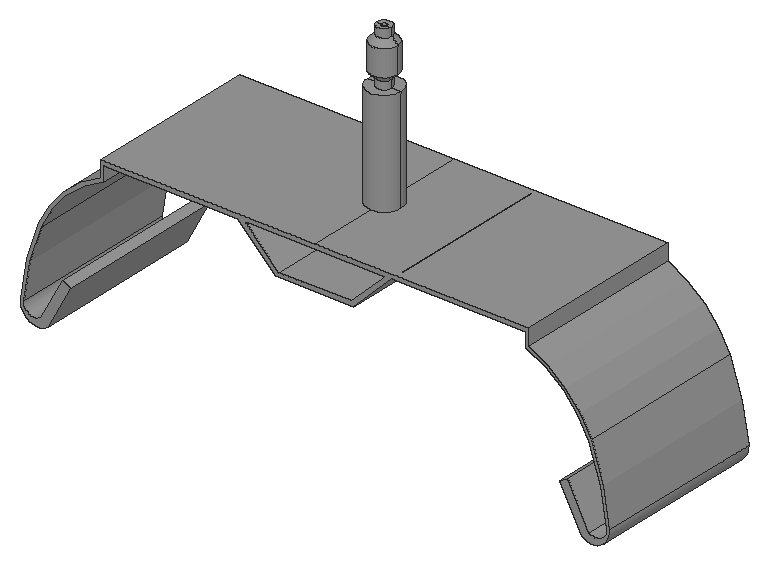
Revit family "Linear Lightline_Pendant Clips_NAL", category Generic Models, Revit 2019
Family settings
  Can host rebar = No
  Round Connector Dimension = Use Diameter
  Part Type = Normal
  Work Plane-Based = No
  Always vertical = No
  Cut with Voids When Loaded = No
  Shared = No
  Room Calculation Point = No
Parameters (values of type "8100-4002 / Steel wire with adjustable bush and mounting clip")
  URL = "https://nateclighting.nl/producten/lineaire-lichtlijn/"
  Material [instance] = Aluminum
  Model = "Art nr: 8100-4002"
  Manufacturer = "Natec Lighting B.V."
  Luminaire Height [instance] = 0 mm
  Description = ""
  Cost = 0
  Assembly Code = "63.00"
  8100-4010 = no
  8100-4002 = yes
  Calc_Pendant Length [instance] = Ceiling Height - Luminaire Height  # 0 mm
  Ceiling Height [instance] = 0 mm
Types (2, lengths in mm): name | Model | 8100-4010 | 8100-4002
  8100-4002 / Steel wire with adjustable bush and mounting clip | "Art nr: 8100-4002" | no | yes
  8100-4010 / Cross anchor with Angel adjusting bush and fixing clip | "Art nr: 8100-4010" | yes | no
Reference planes
  plane 1 "Center (Front/Back)": y = 0
  plane 2: z = 0
  plane 3 "Center (Left/Right)": x = 0
  plane 4 "Cap Bottom": z = -79.519
  plane 5 "Side profile R": x = 35.153
  plane 6 "Side profile L": x = -35.153
  plane 7 "Side cap R": x = 36.153
  plane 8 "Side cap L": x = -36.153
  plane 9 "Profile bottom": z = -72.159
Forms (mm)
  Extrusion 1, solid, not visible
    sketch origin (17.242, -344.217, -110.937) x (1, 0, 0) y (0, 0, -1)
      loop
        line (-63.5, -59.332) -> (-63.5, -35.336)
        arc (-63.5, -35.336) -> (-63.194, -34.598) -> (-62.456, -34.292) r 1.044
        line (-62.456, -34.292) -> (-61.548, -34.292)
        arc (-61.548, -34.292) -> (-61.048, -33.792) -> (-61.548, -33.292) r 0.5
        line (-61.548, -33.292) -> (-62.456, -33.292)
        arc (-62.456, -33.292) -> (-63.901, -33.891) -> (-64.5, -35.336) r 2.044
        line (-64.5, -35.336) -> (-64.5, -59.332) -> (-57.024, -68.517)
        arc (-57.024, -68.517) -> (-55.48, -76.231) -> (-52.811, -83.631) r 53.018
        arc (-52.811, -83.631) -> (-52.15, -83.883) -> (-51.898, -83.223) r 0.5
        arc (-51.898, -83.223) -> (-54.498, -76.027) -> (-56.015, -68.528) r 52.018
        line (-56.015, -68.528) -> (-63.5, -59.332)
    from 0 to 15
  Revolve 2, solid, material "Aluminum" <- "Material", visible <- "8100-4002"
    sketch origin (0, 0, 0) x (1, 0, 0) y (0, 0, 1)
      loop
        line (0, -2.047) -> (0, 19.284) -> (-0.78, 19.284) -> (-0.78, 18.429) -> (-1.454, 17.756) -> (-1.454, 14.93) -> (-0.78, 14.256) -> (-0.78, 13.419) -> (-1.838, 13.419) -> (-1.838, 2.141) -> (-0.811, 2.141) -> (-0.811, -2.047) -> (0, -2.047)
      axis (0, 19.284) -> (0, -2.047)
    angle from 0 to 360
  Extrusion 3, solid, material "Aluminum" <- "Material"
    sketch origin (0, 238.348, 0) x (1, 0, 0) y (0, 0, 1)
      loop
        line (-22.861, 1.641) -> (-8.345, 1.641) -> (-4.225, -2.479) -> (4.225, -2.479) -> (8.345, 1.641) -> (22.861, 1.641) -> (22.861, 0.078)
        arc (22.861, 0.078) -> (26.915, -2.622) -> (29.669, -6.64) r 12.816
        arc (29.669, -6.64) -> (30.97, -10.48) -> (31.62, -14.483) r 24.498
        arc (31.62, -14.483) -> (31.001, -15.612) -> (29.718, -15.494) r 1.175
        line (29.718, -15.494) -> (27.375, -11.087) -> (26.473, -11.567) -> (28.883, -16.099)
        arc (28.883, -16.099) -> (30.959, -16.288) -> (31.963, -14.461) r 1.904
        arc (31.963, -14.461) -> (31.3, -10.353) -> (29.959, -6.413) r 24.827
        arc (29.959, -6.413) -> (27.221, -2.377) -> (23.214, 0.402) r 13.316
        line (23.214, 0.402) -> (23.214, 2.141) -> (0, 2.141) -> (-23.214, 2.141) -> (-23.214, 0.402)
        arc (-23.214, 0.402) -> (-27.221, -2.377) -> (-29.959, -6.413) r 13.316
        arc (-29.959, -6.413) -> (-31.3, -10.353) -> (-31.963, -14.461) r 24.827
        arc (-31.963, -14.461) -> (-30.959, -16.288) -> (-28.883, -16.099) r 1.904
        line (-28.883, -16.099) -> (-26.473, -11.567) -> (-27.375, -11.087) -> (-29.718, -15.494)
        arc (-29.718, -15.494) -> (-31.001, -15.612) -> (-31.62, -14.483) r 1.175
        arc (-31.62, -14.483) -> (-30.97, -10.48) -> (-29.669, -6.64) r 24.498
        arc (-29.669, -6.64) -> (-26.915, -2.622) -> (-22.861, 0.078) r 12.816
        line (-22.861, 0.078) -> (-22.861, 1.641)
      loop
        line (-7.638, 1.641) -> (-3.95, -2.047) -> (3.95, -2.047) -> (7.638, 1.641) -> (-7.638, 1.641)
    from 228.974 to 247.721
  Extrusion 4, solid, material "Aluminum" <- "Material"
    sketch origin (0, 0, 0) x (1, 0, 0) y (0, 1, 0)
      loop
        circle (0, 0) r 0.261
    from 19.284 to 0
  Revolve 5, solid, material "Aluminum" <- "Material", visible <- "8100-4010"
    sketch origin (0, 0, 0) x (1, 0, 0) y (0, 0, 1)
      loop
        line (0, -2.047) -> (0, 19.284) -> (-0.78, 19.284) -> (-0.78, 18.429) -> (-1.454, 17.756) -> (-1.454, 14.93) -> (-0.78, 14.256) -> (-0.78, 13.419) -> (-1.786, 13.419)
        arc (-1.786, 13.419) -> (-2.928, 8.236) -> (-3.367, 2.947) r 39.604
        line (-3.367, 2.947) -> (-4.164, 2.947) -> (-4.164, 2.141) -> (-0.811, 2.141) -> (-0.811, -2.047) -> (0, -2.047)
      axis (0, 19.284) -> (0, -2.047)
    angle from 0 to 360
Lines and regions (mm)
  model lines, not visible
    curve 1: line (-38.773, -336.717, 0) -> (-68.773, -336.717, 0)
Dimensions and locks
  locked: Revolve 2 to plane 2 at 19.284
  "Calc_Pendant Length": Extrusion 4 to level
  aligned and locked: level to plane 2
  aligned and locked: Revolve 2 to Extrusion 4
Automatic sketch dimensions
  Extrusion 1 sketch curve to Extrusion 1 sketch curve = 0 mm  (x6)
  Extrusion 1 sketch curve to Extrusion 1 sketch curve = 1 mm
  Extrusion 1 sketch curve to Extrusion 1 sketch curve = 1.044 mm
  Extrusion 1 sketch curve to Extrusion 1 sketch curve = 0.908 mm
  Extrusion 1 sketch curve to Extrusion 1 sketch curve = 6.476 mm
  Extrusion 1 sketch curve to Extrusion 1 sketch curve = 1.009 mm
  Extrusion 1 sketch curve to Extrusion 1 sketch curve = 3.661 mm
  Extrusion 1 sketch curve to Extrusion 1 sketch curve = 51.606 mm
  Extrusion 1 sketch curve to Extrusion 1 sketch curve = 14.899 mm
  Extrusion 1 sketch curve to Extrusion 1 sketch curve = 0.011 mm
  Extrusion 1 sketch curve to Extrusion 1 sketch curve = 6.534 mm
  Extrusion 1 sketch curve to Extrusion 1 sketch curve = 9.185 mm
  Extrusion 1 sketch curve to Extrusion 1 sketch curve = 23.996 mm
  curve 1 to curve 1 = 30 mm
  Revolve 2 sketch curve to plane 3 "Center (Left/Right)" = 0 mm  (x2)
  Revolve 2 sketch curve to Revolve 2 sketch curve = 0.78 mm
  Revolve 2 sketch curve to plane 3 "Center (Left/Right)" = 0.78 mm
  Revolve 2 sketch curve to plane 3 "Center (Left/Right)" = 0.811 mm
  Revolve 2 sketch curve to Revolve 2 sketch curve = 0.674 mm  (x3)
  Revolve 2 sketch curve to Revolve 2 sketch curve = 1.058 mm
  Revolve 2 sketch curve to level = 2.047 mm
  level to Revolve 2 sketch curve = 2.141 mm
  Revolve 2 sketch curve to Revolve 2 sketch curve = 11.278 mm
  Revolve 2 sketch curve to Revolve 2 sketch curve = 0.837 mm
  Revolve 2 sketch curve to Revolve 2 sketch curve = 2.826 mm
  Revolve 2 sketch curve to Revolve 2 sketch curve = 0.854 mm
  Revolve 2 sketch curve to plane 4 "Cap Bottom" = 286.526 mm
  Revolve 2 sketch curve to Revolve 2 sketch curve = 2195.031 mm
  Extrusion 3 sketch curve to plane 3 "Center (Left/Right)" = 0 mm
  Extrusion 3 sketch curve to plane 3 "Center (Left/Right)" = 3.95 mm
  Extrusion 3 sketch curve to Extrusion 3 sketch curve = 0.275 mm  (x2)
  Extrusion 3 sketch curve to plane 3 "Center (Left/Right)" = 7.197 mm
  Extrusion 3 sketch curve to Extrusion 3 sketch curve = 0.011 mm  (x2)
  level to Extrusion 3 sketch curve = 1.641 mm  (x2)
  Extrusion 3 sketch curve to Extrusion 3 sketch curve = 3.688 mm  (x2)
  Extrusion 3 sketch curve to Extrusion 3 sketch curve = 0.707 mm  (x2)
  Extrusion 3 sketch curve to Extrusion 3 sketch curve = 10.549 mm  (x2)
  Extrusion 3 sketch curve to Extrusion 3 sketch curve = 0.156 mm  (x2)
  level to Extrusion 3 sketch curve = 0.078 mm  (x2)
  Extrusion 3 sketch curve to plane 6 "Side profile L" = 12.292 mm
  Extrusion 3 sketch curve to Extrusion 3 sketch curve = 0.353 mm  (x2)
  Extrusion 3 sketch curve to Extrusion 3 sketch curve = 8.56 mm  (x2)
  Extrusion 3 sketch curve to Extrusion 3 sketch curve = 0.901 mm  (x2)
  Extrusion 3 sketch curve to Extrusion 3 sketch curve = 2.41 mm  (x2)
  Extrusion 3 sketch curve to Extrusion 3 sketch curve = 0.835 mm  (x2)
  Extrusion 3 sketch curve to Extrusion 3 sketch curve = 0.347 mm  (x2)
  Extrusion 3 sketch curve to Extrusion 3 sketch curve = 0.384 mm  (x2)
  plane 3 "Center (Left/Right)" to Extrusion 3 sketch curve = 3.95 mm
  plane 3 "Center (Left/Right)" to Extrusion 3 sketch curve = 7.197 mm
  Extrusion 3 sketch curve to plane 5 "Side profile R" = 12.292 mm
  Extrusion 3 sketch curve to level = 2.047 mm
  Extrusion 3 sketch curve to Extrusion 3 sketch curve = 0.432 mm
  Extrusion 3 sketch curve to level = 11.087 mm  (x2)
  Extrusion 3 sketch curve to Extrusion 3 sketch curve = 0.479 mm  (x2)
  Extrusion 3 sketch curve to Extrusion 3 sketch curve = 0.177 mm  (x2)
  Extrusion 3 sketch curve to Extrusion 3 sketch curve = 0 mm  (x7)
  Extrusion 3 sketch curve to Extrusion 3 sketch curve = 0.92 mm  (x2)
  Extrusion 3 sketch curve to Extrusion 3 sketch curve = 0.032 mm  (x2)
  Extrusion 3 sketch curve to Extrusion 3 sketch curve = 4.609 mm  (x2)
  Extrusion 3 sketch curve to Extrusion 3 sketch curve = 0.044 mm  (x2)
  level to Extrusion 3 sketch curve = 0.402 mm  (x2)
  Extrusion 3 sketch curve to Extrusion 3 sketch curve = 0.5 mm
  plane 1 "Center (Front/Back)" to Extrusion 4 sketch curve = 0 mm
  Extrusion 4 sketch curve to plane 3 "Center (Left/Right)" = 0 mm
  Revolve 5 sketch curve to plane 3 "Center (Left/Right)" = 0 mm
  Revolve 5 sketch curve to plane 3 "Center (Left/Right)" = 0.78 mm  (x2)
  Revolve 5 sketch curve to plane 3 "Center (Left/Right)" = 0.811 mm
  Revolve 5 sketch curve to Revolve 5 sketch curve = 0.674 mm  (x3)
  Revolve 5 sketch curve to Revolve 5 sketch curve = 1.006 mm
  Revolve 5 sketch curve to Revolve 5 sketch curve = 3.354 mm
  plane 5 "Side profile R" to Revolve 5 sketch curve = 1.079 mm
  Revolve 5 sketch curve to level = 2.047 mm
  level to Revolve 5 sketch curve = 2.141 mm
  level to Revolve 5 sketch curve = 2.325 mm
  Revolve 5 sketch curve to Revolve 5 sketch curve = 11.278 mm
  Revolve 5 sketch curve to Revolve 5 sketch curve = 0.837 mm
  Revolve 5 sketch curve to Revolve 5 sketch curve = 2.826 mm
  Revolve 5 sketch curve to Revolve 5 sketch curve = 0.854 mm
  Revolve 5 sketch curve to Revolve 5 sketch curve = 0.797 mm
  radius of Extrusion 4 sketch curve = 0.261 mm
